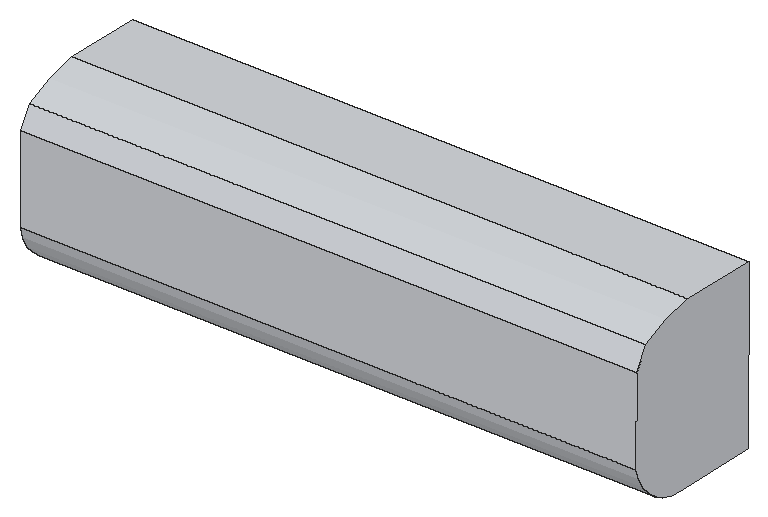
Revit family "Hitachi_RAS-70YHA4_RAS-80YHA4_1116", category Mechanical Equipment, Revit 2013
Parameters (values of type "RAS-80YHA4")
  Width = 1100 mm  # constant formula
  Weight (kg) = 15
  URL = "www.temperzone.biz"
  Pipe Length (min./max.) = "3m to 30m"
  Pipe Height (max.) = "20m"
  Pipe Connection Size - Gas = 15.8 mm  # 15.80 mm
  Pip Connection Size - Liquid = 6.4 mm  # 6.40 mm
  Model - Outdoor = "RAC-80YHA4"
  Model = "RAS-80YHA4"
  Manufacturer = "Hitachi"  # constant formula
  Height = 300 mm  # constant formula
  Heating Range (kW) = "1.5 kW to 9.7 kW"
  Heating Capacity = 9 kW
  Energy Star = yes
  Description = "Hitachi Wall Mounted 8.0kW Heatpump RAS-80YHA4"
  Depth = 250 mm  # constant formula
  Cooling Range (kW) = "1.5 kW to 8.5 kW"
  Cooling Capacity = 8 kW
Types (2, lengths in mm): name | Pipe Height (max.) | Model - Outdoor | Model | Heating Range (kW) | Heating Capacity | Description | Cooling Range (kW) | Cooling Capacity
  RAS-80YHA4 | "20m" | "RAC-80YHA4" | "RAS-80YHA4" | "1.5 kW to 9.7 kW" | 9 kW | "Hitachi Wall Mounted 8.0kW Heatpump RAS-80YHA4" | "1.5 kW to 8.5 kW" | 8 kW
  RAS-70YHA4 | "20" | "RAC-70YHA4" | "RAS-70YHA4" | "1.5 kW to 9.0 kW" | 8 kW | "Hitachi Wall Mounted 7.0kW Heatpump RAS-70YHA4" | "1.5 kW to 8.3 kW" | 7 kW
Reference planes
  plane 1 "Center (Front/Back)": y = 0
  plane 2: z = 0
  plane 3 "Center (Left/Right)": x = 0
  plane 4: x = -550
  plane 5: x = 550
  plane 6: z = 300
  plane 7: y = -250
Forms (mm)
  Extrusion 1, solid
    sketch origin (0, 0, 0) x (0, 1, 0) y (0, 0, 1)
      loop
        line (0, 300) -> (-135, 300)
        arc (-135, 300) -> (-183.211, 286.436) -> (-229.552, 267.443) r 436.786
        arc (-229.552, 267.443) -> (-240.683, 250.258) -> (-250, 232.026) r 200.115
        line (-250, 232.026) -> (-250, 77.026)
        arc (-250, 77.026) -> (-215.223, 19.931) -> (-151.411, 0) r 94.765
        line (-151.411, 0) -> (0, 0) -> (0, 300)
    from -550 to 550
Dimensions and locks
  equal spacing: plane 4, plane 3 "Center (Left/Right)", plane 5
  "Width": plane 4 to plane 5
  "Depth": plane 7 to plane 1 "Center (Front/Back)"
  "Height": plane 6 to plane 2
  aligned and locked: level to plane 2
  aligned and locked: plane 5 to Extrusion 1
  aligned and locked: Extrusion 1 to plane 4
Automatic sketch dimensions
  Extrusion 1 sketch curve to plane 7 = 0 mm
  Extrusion 1 sketch curve to level = 0 mm
  Extrusion 1 sketch curve to plane 6 = 0 mm
  level to Extrusion 1 sketch curve = 77.026 mm
  Extrusion 1 sketch curve to plane 1 "Center (Front/Back)" = 0 mm
  plane 7 to Extrusion 1 sketch curve = 98.589 mm
  plane 7 to Extrusion 1 sketch curve = 115 mm
  plane 7 to Extrusion 1 sketch curve = 20.448 mm
  plane 7 to Extrusion 1 sketch curve = 93.12 mm
  plane 1 "Center (Front/Back)" to Extrusion 1 sketch curve = 67.379 mm
  plane 1 "Center (Front/Back)" to Extrusion 1 sketch curve = 41.007 mm
  Extrusion 1 sketch curve to Extrusion 1 sketch curve = 67.974 mm
  Extrusion 1 sketch curve to level = 126.553 mm
